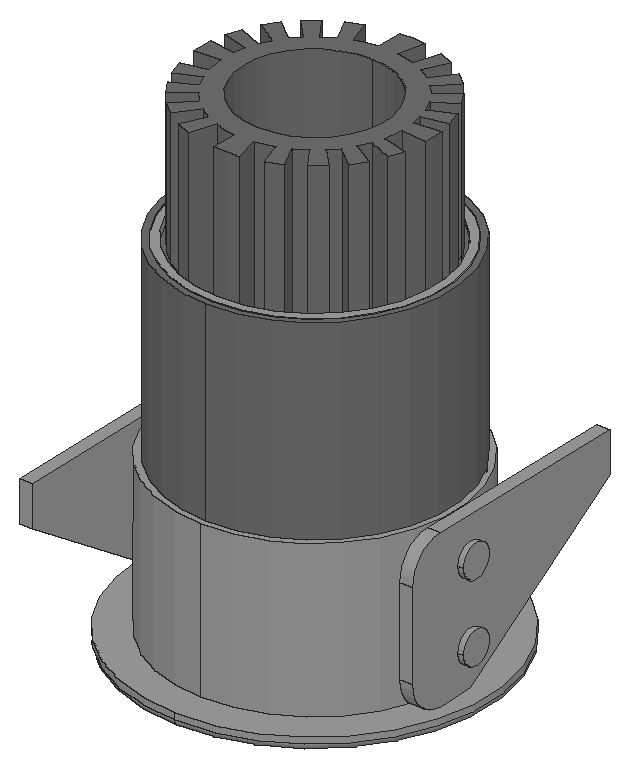
Revit family "Magnus Recessed Downlight - 3000K (Medium)", category Lighting Fixtures, host Ceiling, Revit 2021
Family settings
  Host = Ceiling
  Round Connector Dimension = Use Diameter
  Part Type = Normal
  OmniClass Number = 23.80.70.11
  OmniClass Title = Luminaries for Internal Lighting
  Always vertical = Yes
  Cut with Voids When Loaded = No
  Light Source = No
  Shared = No
  Room Calculation Point = No
Parameters (values of type "Type 1")
  Weight = 0 mm
  Wattage(W) = "6"
  URL = "https://pluslighttech.com"
  UGR = "<28"
  Tuneable & Dimmable = "No"
  THD = "<10%"
  Tilt Angle = 0.00°
  Manufacturer = "pluslighttech."
  Lifetime = "L80/B10(>50,000hrs@Ta-30Deg C)"
  Lamp Flux( lm) = "405.038"
  IP Rating = "IP20"
  Efficiency = ">92 %"
  Efficacy (Lm/W) = "71.99"
  Driving Current( mA) = "350"
  Driver Type = "On-Off/ Dali 2.0/DT8.0/BLE/AD/ TD"
  Beam Angle Degree = "52.3"
  Default Elevation = 0 mm
  Colors = "Metalic Chrome, Black, White"
  Certification = "Available on request"
  CRI = "90"
  CCT(K) = "3000"
  Bining = "≤3SDCM"
Reference planes
  plane 1 "Light Source Axis (F/B)": y = 0
  plane 2: z = 0
  plane 3 "Light Source Axis (L/R)": x = 0
  plane 4 "Ceiling": z = 4000
  plane 5 "Light Source Elevation": z = 4000
  plane 6: z = 3996
Lines and regions (mm)
  Opening 1
    outline origin (-1859.1, 2697.74, 4010) x (-1, 0, 0) y (0, -1, 0)
      loop
        circle (-1859.1, 2697.74) r 22
Dimensions and locks
  equal spacing: host sketch curve, plane 3 "Light Source Axis (L/R)", host sketch curve
  equal spacing: host sketch curve, plane 1 "Light Source Axis (F/B)", host sketch curve
  host sketch curve to host sketch curve = 4000 mm  (x2)
  nested 1 to nested 2 = 76 mm
  aligned and locked: plane 5 "Light Source Elevation" to nested 1
  aligned and locked: nested 1 to plane 1 "Light Source Axis (F/B)"
  aligned and locked: plane 3 "Light Source Axis (L/R)" to nested 1
  aligned and locked: plane 1 "Light Source Axis (F/B)" to nested 2
  aligned and locked: plane 5 "Light Source Elevation" to nested 2
Nested families
  nested 1: "Magnus Recessed Downlight - Cap" at (0, 0, 4000) x (0, 1, 0) z (0, 0, 1), type "Magnus Recessed Downlight - Cap"
    with Default Elevation 1219.2 mm
  nested 2: "Magnus Recessed Downlight - Spot" at (0, 0, 4076.013) x (0, 0, -1) z (1, 0, 0), type "Magnus Recessed Downlight - Spot"
Definition of nested family "Magnus Recessed Downlight - Cap"
  Parameters (values of type "Magnus Recessed Downlight - Cap")
    Wattage Comments = ""
    UGR = "<13"
    SS = none
    S2 = D1 / 2  # 11 mm
    S1 = D1 + 5 mm  # 27 mm
    Power = "29W"
    Photobiological safety group = "1"
    Lumious flux of the fixture = "2773.94lm"
    Luminious efficacy = "94.83lm/W"
    Light Cap = none
    LOR = "85%"
    LED realiability = "50000h L80B10"
    H3 = 76 mm
    H2 = 56 mm
    H1 = 26 mm
    Driver = "Constant Current"
    Fixture Finish = none
    Default Elevation = 0 mm
    D3 = 18 mm
    D2 = D1 - 5 mm  # 17 mm
    D1 = 22 mm
    Current = "600mA"
    Control = "DALI"
    Color Temperature = "4000K"
    Chromaticity Tolerance = "3SDCM"
    CRI = ">92.3"
    Beam Angle = "56.1º"
    Average Service Life = "50000hrs"
    Accessories = "Mounting accessories as per site requirement."
  Reference planes
    plane 1 "Tilt Plane (F/B)": y = 0
    plane 2: z = 0
    plane 3 "Light Source Axis (L/R)": x = 0
    plane 4 "Light Source Elevation": z = 0
    plane 5: z = -2
    plane 6: z = 24
    plane 7: z = 74
    plane 8: y = 22
    plane 9: y = -22
    plane 10: z = 12
    plane 11: z = 12
  Forms (mm)
    Sweep 1, solid, material <- "SS"
      path origin (0, 0, 0) x (1, 0, 0) y (0, 1, 0)
        loop
          circle (0, 0) r 22
      profile origin (0, 22, 0) x (0, -1, 0) y (0, 0, 1)
        loop
          arc (1, -2) -> (1.707, -1.707) -> (2, -1) r 1
          line (2, -1) -> (2, 24) -> (0, 24) -> (0, 0) -> (-5, 0) -> (-5, -1)
          arc (-5, -1) -> (-4.707, -1.707) -> (-4, -2) r 1
          line (-4, -2) -> (1, -2)
    Extrusion 2, solid, material <- "SS"
      sketch origin (0, 0, 0) x (1, 0, 0) y (0, 0, 1)
        loop
          arc (-5.729, 24) -> (-9.456, 22.456) -> (-11, 18.729) r 5.271
          line (-11, 18.729) -> (-11, 5.271)
          arc (-11, 5.271) -> (-9.456, 1.544) -> (-5.729, 0) r 5.271
          line (-5.729, 0) -> (0, 0) -> (27, 17.738) -> (27, 24) -> (-5.729, 24)
      from 22 to 24
    Extrusion 3, solid, material <- "SS"
      sketch origin (0, 0, 0) x (1, 0, 0) y (0, 0, 1)
        loop
          circle (0, 18) r 2.482
        loop
          circle (0, 6) r 2.482
      from 24 to 25
    Extrusion 4, solid, material <- "SS"
      sketch origin (-4.606, -2, 1) x (-1, 0, 0) y (0, 0, 1)
        loop
          arc (-10.335, 23) -> (-14.062, 21.456) -> (-15.606, 17.729) r 5.271
          line (-15.606, 17.729) -> (-15.606, 4.271)
          arc (-15.606, 4.271) -> (-14.062, 0.544) -> (-10.335, -1) r 5.271
          line (-10.335, -1) -> (-4.606, -1) -> (22.394, 16.738) -> (22.394, 23) -> (-10.335, 23)
      from 26 to 24
    Extrusion 5, solid, material <- "SS"
      sketch origin (0, 59.114, 0) x (1, 0, 0) y (0, 0, 1)
        loop
          circle (0, 18) r 2.482
        loop
          circle (0, 6) r 2.482
      from 34.114 to 35.114
  Text (mm)
    text "0 Tilt Angle" at (809.978, -4572, 1586.413), in view "Front"
    text "90" at (-194.597, -4572, 2488.248), in view "Front"
    text "180" at (-1130.68, -4572, 1586.413), in view "Front"
    text "270" at (-320.169, -4572, 456.265), in view "Front"
    text "0 Tilt Angle" at (1952.354, 4572, 1542.98), in view "Back"
    text "180" at (-876.627, 4572, 1524.796), in view "Back"
    text "90" at (296.375, 4572, 2698.908), in view "Back"
    text "270" at (421.947, 4572, 666.926), in view "Back"
  Dimensions and locks
    locked: level to plane 5 at 2
    "H1": plane 6 to plane 5
    locked: Sweep 1 sketch curve to Sweep 1 sketch curve at 2
    "H3": plane 7 to plane 5
    "D1": plane 8 to plane 1 "Tilt Plane (F/B)"
    "D1": plane 9 to plane 1 "Tilt Plane (F/B)"
    "S1": plane 3 "Light Source Axis (L/R)" to Extrusion 2 sketch curve
    "S2": plane 3 "Light Source Axis (L/R)" to Extrusion 2 sketch curve
    locked: Extrusion 2 sketch curve to Extrusion 2 sketch curve at 6.262
    locked: Extrusion 2 to Extrusion 2 at 2
    equal spacing: Sweep 1, Extrusion 3 sketch curve, plane 10
    locked: plane 3 "Light Source Axis (L/R)" to Extrusion 3 sketch curve  (x2)
    locked: Extrusion 3 to Extrusion 3 at 1
    locked: Extrusion 4 sketch curve to Extrusion 4 sketch curve at 6.262
    locked: Extrusion 4 to Extrusion 4 at 2
    "S1": plane 3 "Light Source Axis (L/R)" to Extrusion 4 sketch curve
    "S2": Extrusion 4 sketch curve to plane 3 "Light Source Axis (L/R)"
    locked: Extrusion 5 to Extrusion 5 at 1
    locked: plane 3 "Light Source Axis (L/R)" to Extrusion 5 sketch curve  (x2)
    equal spacing: plane 10, Extrusion 3 sketch curve, Sweep 1
    equal spacing: Sweep 1, plane 10, Sweep 1
    equal spacing: Sweep 1, plane 11, Sweep 1
    equal spacing: plane 11, Extrusion 5 sketch curve, Sweep 1
    equal spacing: Sweep 1, Extrusion 5 sketch curve, plane 11
    "D1": radius of Sweep 1 sketch curve
    aligned and locked: level to plane 2
    aligned and locked: Sweep 1 to plane 4 "Light Source Elevation"
    aligned and locked: level to Sweep 1
    aligned and locked: plane 6 to Sweep 1 sketch curve
    aligned and locked: profile plane to Sweep 1 sketch curve  (x2)
    aligned and locked: Sweep 1 sketch curve to plane 5
    aligned and locked: Sweep 1 to Extrusion 2 sketch curve
    aligned and locked: Extrusion 2 sketch curve to Sweep 1
    aligned and locked: plane 3 "Light Source Axis (L/R)" to Extrusion 2 sketch curve
    aligned and locked: plane 9 to Extrusion 2
    aligned and locked: Extrusion 3 to Extrusion 2
    aligned and locked: Extrusion 4 sketch curve to Sweep 1
    aligned and locked: Sweep 1 to Extrusion 4 sketch curve
    aligned and locked: Extrusion 5 to Extrusion 4
    aligned and locked: Extrusion 4 to plane 8
  Automatic sketch dimensions
    plane 1 "Tilt Plane (F/B)" to Sweep 1 sketch curve = 0 mm
    Sweep 1 sketch curve to plane 3 "Light Source Axis (L/R)" = 0 mm
    profile plane to Sweep 1 sketch curve = 4 mm
    Sweep 1 sketch curve to Sweep 1 sketch curve = 1 mm
    Sweep 1 sketch curve to profile plane = 1 mm
    Extrusion 2 sketch curve to plane 3 "Light Source Axis (L/R)" = 5.729 mm
    Extrusion 2 sketch curve to Extrusion 2 sketch curve = 5.271 mm
    Extrusion 4 sketch curve to plane 3 "Light Source Axis (L/R)" = 0 mm
    plane 3 "Light Source Axis (L/R)" to Extrusion 4 sketch curve = 5.729 mm
    Extrusion 4 sketch curve to Extrusion 4 sketch curve = 5.271 mm
    radius of Extrusion 3 sketch curve = 2.482 mm  (x2)
    radius of Extrusion 5 sketch curve = 2.482 mm  (x2)
Definition of nested family "Magnus Recessed Downlight - Spot"
  Parameters (values of type "Magnus Recessed Downlight - Spot")
    Wattage = 9.2903 W
    built-in parameter 1150110 = 1 (stored number, unit not read)
    built-in parameter 1114217 = 1 (stored number, unit not read)
    Tilt Angle = 90.00°  # constant formula
    built-in parameter 1150109 = 1 (stored number, unit not read)
    built-in parameter 1150134 = (empty or 0)
    built-in parameter 1150113 = 1 (stored number, unit not read)
    SS = none
    Photometric Web File = "Magnus 1X RS 5W 3000K SP.IES"
    built-in parameter 1150105 = 109.82 (stored number, unit not read)
    Lumens = 1380 lm
    built-in parameter 1150115 = 1 (stored number, unit not read)
    built-in parameter 1150137 = (empty or 0)
    built-in parameter 1150139 = (empty or 0)
    Light Cap = none
    built-in parameter 1150112 = 1 (stored number, unit not read)
    built-in parameter 1150114 = 1 (stored number, unit not read)
    built-in parameter 1150132 = (empty or 0)
    built-in parameter 1150102 = (empty or 0)
    built-in parameter 1150107 = 3000 (stored number, unit not read)
    built-in parameter 1150138 = (empty or 0)
    built-in parameter 1150106 = 1.0982 (stored number, unit not read)
    Glass Material = none
    Glass = none
    Fixture Finish = none
    built-in parameter 1150104 = 13.8 (stored number, unit not read)
    Dimming Lamp Color Temperature Shift = (empty or 0)
    Default Elevation = 0 mm
    D = 96 mm
    Color Filter = 16777215
    built-in parameter 1114218 = 1 (stored number, unit not read)
    built-in parameter 1150133 = 10 (stored number, unit not read)
  Reference planes
    plane 1 "Center (Front/Back)": y = 0
    plane 2: z = 0
    plane 3 "Center (Left/Right)": x = 0
    plane 4: x = 23.013
    plane 5: x = 23.013
    plane 6: x = 23.013
  Forms (mm)
    Extrusion 1, solid
      sketch origin (0, 0, 0) x (1, 0, 0) y (0, 1, 0)
        loop
          line (-1219.2, 1219.2) -> (-1219.2, -1219.2) -> (1219.2, -1219.2) -> (1219.2, 1219.2) -> (-1219.2, 1219.2)
      from 0 to -304.8
    Sweep 2, solid, material <- "Light Cap"
      path origin (77.013, 0, 0) x (0, 0, 1) y (0, -1, 0)
        loop
          circle (0, 0) r 21
      profile origin (77.013, 0, -21) x (0, 0, 1) y (1, 0, 0)
        loop
          line (0, -1) -> (0, -54.995) -> (1, -54.995) -> (1, -1) -> (0, -1)
    Extrusion 3, solid, material <- "Light Cap"
      sketch origin (-24, 0, 0) x (0, 0, 1) y (0, -1, 0)
        loop
          circle (0, 0) r 11
        loop
          arc (-9.701, 10.094) -> (-10.393, 9.38) -> (-11.032, 8.619) r 14
          line (-11.032, 8.619) -> (-14.184, 11.082)
          arc (-14.184, 11.082) -> (-14.923, 10.065) -> (-15.588, 9) r 18
          line (-15.588, 9) -> (-12.124, 7)
          arc (-12.124, 7) -> (-12.583, 6.137) -> (-12.981, 5.244) r 14
          line (-12.981, 5.244) -> (-16.689, 6.743)
          arc (-16.689, 6.743) -> (-17.119, 5.562) -> (-17.465, 4.355) r 18
          line (-17.465, 4.355) -> (-13.584, 3.387)
          arc (-13.584, 3.387) -> (-13.846, 2.069) -> (-13.981, 0.733) r 14
          line (-13.981, 0.733) -> (-17.975, 0.942)
          arc (-17.975, 0.942) -> (-17.989, -0.628) -> (-17.866, -2.194) r 18
          line (-17.866, -2.194) -> (-13.896, -1.706)
          arc (-13.896, -1.706) -> (-13.766, -2.551) -> (-13.584, -3.387) r 14
          line (-13.584, -3.387) -> (-17.465, -4.355)
          arc (-17.465, -4.355) -> (-17.119, -5.562) -> (-16.689, -6.743) r 18
          line (-16.689, -6.743) -> (-12.981, -5.244)
          arc (-12.981, -5.244) -> (-12.583, -6.137) -> (-12.124, -7) r 14
          line (-12.124, -7) -> (-15.588, -9)
          arc (-15.588, -9) -> (-14.923, -10.065) -> (-14.184, -11.082) r 18
          line (-14.184, -11.082) -> (-11.032, -8.619)
          arc (-11.032, -8.619) -> (-10.393, -9.38) -> (-9.701, -10.094) r 14
          line (-9.701, -10.094) -> (-12.473, -12.978)
          arc (-12.473, -12.978) -> (-11.554, -13.803) -> (-10.58, -14.562) r 18
          line (-10.58, -14.562) -> (-8.229, -11.326)
          arc (-8.229, -11.326) -> (-7.315, -11.937) -> (-6.356, -12.474) r 14
          line (-6.356, -12.474) -> (-8.172, -16.038)
          arc (-8.172, -16.038) -> (-7.033, -16.569) -> (-5.86, -17.019) r 18
          line (-5.86, -17.019) -> (-4.558, -13.237)
          arc (-4.558, -13.237) -> (-2.901, -13.696) -> (-1.2, -13.948) r 14
          line (-1.2, -13.948) -> (-1.2, -17.96)
          arc (-1.2, -17.96) -> (0.754, -17.984) -> (2.699, -17.797) r 18
          line (2.699, -17.797) -> (1.726, -13.893)
          arc (1.726, -13.893) -> (3.159, -13.639) -> (4.558, -13.237) r 14
          line (4.558, -13.237) -> (5.86, -17.019)
          arc (5.86, -17.019) -> (7.033, -16.569) -> (8.172, -16.038) r 18
          line (8.172, -16.038) -> (6.356, -12.474)
          arc (6.356, -12.474) -> (7.315, -11.937) -> (8.229, -11.326) r 14
          line (8.229, -11.326) -> (10.58, -14.562)
          arc (10.58, -14.562) -> (11.554, -13.803) -> (12.473, -12.978) r 18
          line (12.473, -12.978) -> (9.701, -10.094)
          arc (9.701, -10.094) -> (10.393, -9.38) -> (11.032, -8.619) r 14
          line (11.032, -8.619) -> (14.184, -11.082)
          arc (14.184, -11.082) -> (14.923, -10.065) -> (15.588, -9) r 18
          line (15.588, -9) -> (12.124, -7)
          arc (12.124, -7) -> (12.583, -6.137) -> (12.981, -5.244) r 14
          line (12.981, -5.244) -> (16.689, -6.743)
          arc (16.689, -6.743) -> (17.119, -5.562) -> (17.465, -4.355) r 18
          line (17.465, -4.355) -> (13.584, -3.387)
          arc (13.584, -3.387) -> (13.766, -2.551) -> (13.896, -1.706) r 14
          line (13.896, -1.706) -> (17.866, -2.194)
          arc (17.866, -2.194) -> (17.989, -0.628) -> (17.975, 0.942) r 18
          line (17.975, 0.942) -> (13.981, 0.733)
          arc (13.981, 0.733) -> (13.846, 2.069) -> (13.584, 3.387) r 14
          line (13.584, 3.387) -> (17.465, 4.355)
          arc (17.465, 4.355) -> (17.119, 5.562) -> (16.689, 6.743) r 18
          line (16.689, 6.743) -> (12.981, 5.244)
          arc (12.981, 5.244) -> (12.583, 6.137) -> (12.124, 7) r 14
          line (12.124, 7) -> (15.588, 9)
          arc (15.588, 9) -> (14.923, 10.065) -> (14.184, 11.082) r 18
          line (14.184, 11.082) -> (11.032, 8.619)
          arc (11.032, 8.619) -> (10.393, 9.38) -> (9.701, 10.094) r 14
          line (9.701, 10.094) -> (12.473, 12.978)
          arc (12.473, 12.978) -> (11.554, 13.803) -> (10.58, 14.562) r 18
          line (10.58, 14.562) -> (8.229, 11.326)
          arc (8.229, 11.326) -> (7.315, 11.937) -> (6.356, 12.474) r 14
          line (6.356, 12.474) -> (8.172, 16.038)
          arc (8.172, 16.038) -> (7.033, 16.569) -> (5.86, 17.019) r 18
          line (5.86, 17.019) -> (4.558, 13.237)
          arc (4.558, 13.237) -> (3.159, 13.639) -> (1.726, 13.893) r 14
          line (1.726, 13.893) -> (2.699, 17.797)
          arc (2.699, 17.797) -> (0.754, 17.984) -> (-1.2, 17.96) r 18
          line (-1.2, 17.96) -> (-1.2, 13.948)
          arc (-1.2, 13.948) -> (-2.901, 13.696) -> (-4.558, 13.237) r 14
          line (-4.558, 13.237) -> (-5.86, 17.019)
          arc (-5.86, 17.019) -> (-7.033, 16.569) -> (-8.172, 16.038) r 18
          line (-8.172, 16.038) -> (-6.356, 12.474)
          arc (-6.356, 12.474) -> (-7.315, 11.937) -> (-8.229, 11.326) r 14
          line (-8.229, 11.326) -> (-10.58, 14.562)
          arc (-10.58, 14.562) -> (-11.554, 13.803) -> (-12.473, 12.978) r 18
          line (-12.473, 12.978) -> (-9.701, 10.094)
      from 26.013 to 74
    Sweep 4, solid, material <- "SS"
      path origin (77.013, 0, 0) x (0, 0, 1) y (0, -1, 0)
        loop
          circle (0, 0) r 19
      profile origin (77.013, 0, -19) x (0, 0, 1) y (1, 0, 0)
        loop
          line (-1, 0) -> (-1, -55) -> (0.2, -55) -> (0.2, 0) -> (-1, 0)
    Revolve 5, solid, material <- "Light Cap"
      sketch origin (77.013, 0, 0) x (0, 0, 1) y (-1, 0, 0)
        loop
          line (15.277, 0) -> (15.277, 0.987) -> (13.102, 2.242)
          arc (13.102, 2.242) -> (7.939, 10.25) -> (0, 15.518) r 23.282
          line (0, 15.518) -> (0, 14.437)
          arc (0, 14.437) -> (7.41, 9.36) -> (12.212, 1.769) r 22.282
          line (12.212, 1.769) -> (15.277, 0)
        axis (0, 0) -> (0, 15.518)
      angle from 0 to 360
    Extrusion 6, solid, material <- "Glass"
      sketch origin (72.938, 0, 0) x (0, 0, 1) y (0, -1, 0)
        loop
          circle (-0.008, 0) r 12.212
      from 1.833 to 2.242
    Extrusion 7, solid, material <- "Light Cap"
      sketch origin (49.013, 0, 0) x (0, 0, 1) y (0, -1, 0)
        loop
          arc (1.256, -17.956) -> (2.349, -17.846) -> (3.435, -17.669) r 18
          line (3.435, -17.669) -> (2.975, -15.303)
          arc (2.975, -15.303) -> (4.035, -15.058) -> (5.075, -14.74) r 15.59
          line (5.075, -14.74) -> (5.86, -17.019)
          arc (5.86, -17.019) -> (7.033, -16.569) -> (8.172, -16.038) r 18
          line (8.172, -16.038) -> (7.078, -13.89)
          arc (7.078, -13.89) -> (8.146, -13.292) -> (9.163, -12.612) r 15.59
          line (9.163, -12.612) -> (10.58, -14.562)
          arc (10.58, -14.562) -> (11.554, -13.803) -> (12.473, -12.978) r 18
          line (12.473, -12.978) -> (10.803, -11.24)
          arc (10.803, -11.24) -> (11.573, -10.445) -> (12.285, -9.598) r 15.59
          line (12.285, -9.598) -> (14.184, -11.082)
          arc (14.184, -11.082) -> (14.923, -10.065) -> (15.588, -9) r 18
          line (15.588, -9) -> (13.501, -7.795)
          arc (13.501, -7.795) -> (14.012, -6.834) -> (14.454, -5.84) r 15.59
          line (14.454, -5.84) -> (16.689, -6.743)
          arc (16.689, -6.743) -> (17.119, -5.562) -> (17.465, -4.355) r 18
          line (17.465, -4.355) -> (15.127, -3.771)
          arc (15.127, -3.771) -> (15.329, -2.841) -> (15.473, -1.9) r 15.59
          line (15.473, -1.9) -> (17.866, -2.194)
          arc (17.866, -2.194) -> (17.989, -0.628) -> (17.975, 0.942) r 18
          line (17.975, 0.942) -> (15.568, 0.816)
          arc (15.568, 0.816) -> (15.418, 2.304) -> (15.127, 3.771) r 15.59
          line (15.127, 3.771) -> (17.465, 4.355)
          arc (17.465, 4.355) -> (17.119, 5.562) -> (16.689, 6.743) r 18
          line (16.689, 6.743) -> (14.454, 5.84)
          arc (14.454, 5.84) -> (14.012, 6.834) -> (13.501, 7.795) r 15.59
          line (13.501, 7.795) -> (15.588, 9)
          arc (15.588, 9) -> (14.923, 10.065) -> (14.184, 11.082) r 18
          line (14.184, 11.082) -> (12.285, 9.598)
          arc (12.285, 9.598) -> (11.573, 10.445) -> (10.803, 11.24) r 15.59
          line (10.803, 11.24) -> (12.473, 12.978)
          arc (12.473, 12.978) -> (11.554, 13.803) -> (10.58, 14.562) r 18
          line (10.58, 14.562) -> (9.163, 12.612)
          arc (9.163, 12.612) -> (8.146, 13.292) -> (7.078, 13.89) r 15.59
          line (7.078, 13.89) -> (8.172, 16.038)
          arc (8.172, 16.038) -> (7.033, 16.569) -> (5.86, 17.019) r 18
          line (5.86, 17.019) -> (5.075, 14.74)
          arc (5.075, 14.74) -> (4.035, 15.058) -> (2.975, 15.303) r 15.59
          line (2.975, 15.303) -> (3.435, 17.669)
          arc (3.435, 17.669) -> (2.349, 17.846) -> (1.256, 17.956) r 18
          line (1.256, 17.956) -> (1.087, 15.552)
          arc (1.087, 15.552) -> (0, 15.59) -> (-1.087, 15.552) r 15.59
          line (-1.087, 15.552) -> (-1.256, 17.956)
          arc (-1.256, 17.956) -> (-2.349, 17.846) -> (-3.435, 17.669) r 18
          line (-3.435, 17.669) -> (-2.975, 15.303)
          arc (-2.975, 15.303) -> (-4.035, 15.058) -> (-5.075, 14.74) r 15.59
          line (-5.075, 14.74) -> (-5.86, 17.019)
          arc (-5.86, 17.019) -> (-7.033, 16.569) -> (-8.172, 16.038) r 18
          line (-8.172, 16.038) -> (-7.078, 13.89)
          arc (-7.078, 13.89) -> (-8.146, 13.292) -> (-9.163, 12.612) r 15.59
          line (-9.163, 12.612) -> (-10.58, 14.562)
          arc (-10.58, 14.562) -> (-11.554, 13.803) -> (-12.473, 12.978) r 18
          line (-12.473, 12.978) -> (-10.803, 11.24)
          arc (-10.803, 11.24) -> (-11.573, 10.445) -> (-12.285, 9.598) r 15.59
          line (-12.285, 9.598) -> (-14.184, 11.082)
          arc (-14.184, 11.082) -> (-14.923, 10.065) -> (-15.588, 9) r 18
          line (-15.588, 9) -> (-13.501, 7.795)
          arc (-13.501, 7.795) -> (-14.012, 6.834) -> (-14.454, 5.84) r 15.59
          line (-14.454, 5.84) -> (-16.689, 6.743)
          arc (-16.689, 6.743) -> (-17.119, 5.562) -> (-17.465, 4.355) r 18
          line (-17.465, 4.355) -> (-15.127, 3.771)
          arc (-15.127, 3.771) -> (-15.418, 2.304) -> (-15.568, 0.816) r 15.59
          line (-15.568, 0.816) -> (-17.975, 0.942)
          arc (-17.975, 0.942) -> (-17.989, -0.628) -> (-17.866, -2.194) r 18
          line (-17.866, -2.194) -> (-15.473, -1.9)
          arc (-15.473, -1.9) -> (-15.329, -2.841) -> (-15.127, -3.771) r 15.59
          line (-15.127, -3.771) -> (-17.465, -4.355)
          arc (-17.465, -4.355) -> (-17.119, -5.562) -> (-16.689, -6.743) r 18
          line (-16.689, -6.743) -> (-14.454, -5.84)
          arc (-14.454, -5.84) -> (-14.012, -6.834) -> (-13.501, -7.795) r 15.59
          line (-13.501, -7.795) -> (-15.588, -9)
          arc (-15.588, -9) -> (-14.923, -10.065) -> (-14.184, -11.082) r 18
          line (-14.184, -11.082) -> (-12.285, -9.598)
          arc (-12.285, -9.598) -> (-11.573, -10.445) -> (-10.803, -11.24) r 15.59
          line (-10.803, -11.24) -> (-12.473, -12.978)
          arc (-12.473, -12.978) -> (-11.554, -13.803) -> (-10.58, -14.562) r 18
          line (-10.58, -14.562) -> (-9.163, -12.612)
          arc (-9.163, -12.612) -> (-8.146, -13.292) -> (-7.078, -13.89) r 15.59
          line (-7.078, -13.89) -> (-8.172, -16.038)
          arc (-8.172, -16.038) -> (-7.033, -16.569) -> (-5.86, -17.019) r 18
          line (-5.86, -17.019) -> (-5.075, -14.74)
          arc (-5.075, -14.74) -> (-4.035, -15.058) -> (-2.975, -15.303) r 15.59
          line (-2.975, -15.303) -> (-3.435, -17.669)
          arc (-3.435, -17.669) -> (-2.349, -17.846) -> (-1.256, -17.956) r 18
          line (-1.256, -17.956) -> (-1.087, -15.552)
          arc (-1.087, -15.552) -> (0, -15.59) -> (1.087, -15.552) r 15.59
          line (1.087, -15.552) -> (1.256, -17.956)
        loop
          circle (0, 0) r 15.277
      from 0.987 to 24
    Extrusion 8, solid, material <- "Light Cap"
      sketch origin (77.013, 31.176, 0) x (0, 0, 1) y (-1, 0, 0)
        loop
          line (-3.506, 54) -> (-2.552, 54) -> (-2.552, 60.699) -> (1.842, 61.474) -> (1.842, 62.46) -> (-2.552, 63.235) -> (-2.552, 69) -> (-3.506, 69) -> (-3.506, 54)
        loop
          line (3.506, 54) -> (3.506, 69) -> (2.552, 69) -> (2.552, 68.079) -> (-1.842, 67.304) -> (-1.842, 66.317) -> (2.552, 65.543) -> (2.552, 57.636) -> (-1.842, 56.861) -> (-1.842, 55.874) -> (2.552, 55.1) -> (2.552, 54) -> (3.506, 54)
      from 14.057 to 17.019
    Sweep 9, solid, material <- "Light Cap"
      path origin (77.013, 0, 0) x (0, 0, 1) y (0, -1, 0)
        loop
          circle (0, 0) r 19
      profile origin (77.013, 0, -19) x (0, 0, 1) y (1, 0, 0)
        loop
          line (0.195, 0) -> (0.195, -54) -> (1, -54) -> (1, 0) -> (0.195, 0)
  Dimensions and locks
    Sweep 4 to Extrusion 3 = 75 mm
    radius of Sweep 2 sketch curve = 21 mm
    aligned and locked: plane 2 to Extrusion 1
    aligned and locked: level to Extrusion 1
    aligned and locked: Extrusion 3 sketch curve to Extrusion 3 sketch curve  (x17)
